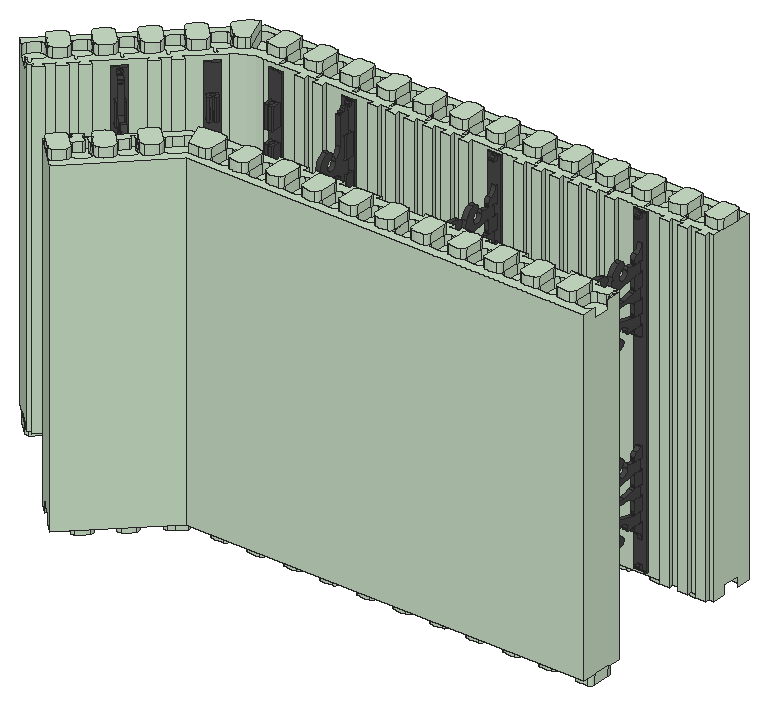
Revit family (continued)
Definition of nested family "6-inch Web"
  Forms (in)
    Extrusion 1, solid, material "Polypropylene"
      sketch origin (0, 0, -0.5) x (0, 1, 0) y (0, 0, 1)
        loop
          arc (1.60829, 12.22252) -> (1.89426, 12.34507) -> (1.77171, 12.63104) r 0.22
          arc (1.77171, 12.63104) -> (1.74446, 13.18492) -> (2.18179, 12.84395) r 0.305
          arc (2.18179, 12.84395) -> (2.20889, 12.75657) -> (2.29847, 12.73805) r 0.09
          arc (2.29847, 12.73805) -> (2.49379, 12.78721) -> (2.695, 12.79623) r 1
          line (2.695, 12.79623) -> (2.80974, 12.79623) -> (2.80974, 12.7262) -> (2.7525, 12.7262)
          arc (2.7525, 12.7262) -> (2.7083, 12.7079) -> (2.69, 12.6637) r 0.0625
          line (2.69, 12.6637) -> (2.69, 12.5962)
          arc (2.69, 12.5962) -> (2.73587, 12.45187) -> (2.85666, 12.3605) r 0.25
          arc (2.85666, 12.3605) -> (2.98601, 12.29206) -> (3.09, 12.1891) r 0.5
          line (3.09, 12.1891) -> (3.19, 12.1891) -> (3.19, 12.7887)
          arc (3.19, 12.7887) -> (3.17169, 12.74451) -> (3.1275, 12.7262) r 0.0625
          line (3.1275, 12.7262) -> (2.8844, 12.7262) -> (2.8844, 12.79623) -> (2.995, 12.79623) -> (2.995, 13.2962) -> (2.8844, 13.2962) -> (2.8844, 13.3662) -> (3.1275, 13.3662)
          arc (3.1275, 13.3662) -> (3.17169, 13.3479) -> (3.19, 13.3037) r 0.0625
          line (3.19, 13.3037) -> (3.19, 14.0887)
          arc (3.19, 14.0887) -> (3.17169, 14.04451) -> (3.1275, 14.0262) r 0.0625
          line (3.1275, 14.0262) -> (2.8844, 14.0262) -> (2.8844, 14.0962) -> (2.995, 14.0962) -> (2.995, 14.5962) -> (2.8844, 14.5962) -> (2.8844, 14.6662) -> (3.1275, 14.6662)
          arc (3.1275, 14.6662) -> (3.17169, 14.6479) -> (3.19, 14.6037) r 0.0625
          line (3.19, 14.6037) -> (3.19, 15.3887)
          arc (3.19, 15.3887) -> (3.17169, 15.34451) -> (3.1275, 15.3262) r 0.0625
          line (3.1275, 15.3262) -> (2.8844, 15.3262) -> (2.8844, 15.3962) -> (2.995, 15.3962)
        loop
          line (0.38913, 14.4362) -> (1.98527, 14.4362)
          arc (1.98527, 14.4362) -> (2.29477, 14.47239) -> (2.59139, 14.56787) r 1.6
          arc (2.59139, 14.56787) -> (2.64143, 14.5885) -> (2.695, 14.5962) r 0.21872
          line (2.695, 14.5962) -> (2.80974, 14.5962) -> (2.80974, 14.6662) -> (2.7525, 14.6662)
          arc (2.7525, 14.6662) -> (2.7083, 14.68451) -> (2.69, 14.7287) r 0.0625
          line (2.69, 14.7287) -> (2.69, 15.2637)
          arc (2.69, 15.2637) -> (2.7083, 15.3079) -> (2.7525, 15.3262) r 0.0625
          line (2.7525, 15.3262) -> (2.80974, 15.3262) -> (2.80974, 15.3962) -> (2.695, 15.3962)
          arc (2.695, 15.3962) -> (2.62256, 15.38693) -> (2.551, 15.3724) r 1
          line (2.551, 15.3724) -> (0.33976, 14.89084)
          arc (0.33976, 14.89084) -> (0.16047, 14.64137) -> (0.38913, 14.4362) r 0.23
        loop
          arc (2.695, 14.0962) -> (2.64143, 14.10391) -> (2.59139, 14.12453) r 0.21872
          arc (2.59139, 14.12453) -> (2.29477, 14.22002) -> (1.98527, 14.2562) r 1.6
          line (1.98527, 14.2562) -> (0.38913, 14.2562)
          arc (0.38913, 14.2562) -> (0.16047, 14.05103) -> (0.33976, 13.80156) r 0.23
          line (0.33976, 13.80156) -> (2.551, 13.32001)
          arc (2.551, 13.32001) -> (2.62256, 13.30547) -> (2.695, 13.2962) r 1
          line (2.695, 13.2962) -> (2.80974, 13.2962) -> (2.80974, 13.3662) -> (2.7525, 13.3662)
          arc (2.7525, 13.3662) -> (2.7083, 13.38451) -> (2.69, 13.4287) r 0.0625
          line (2.69, 13.4287) -> (2.69, 13.9637)
          arc (2.69, 13.9637) -> (2.7083, 14.0079) -> (2.7525, 14.0262) r 0.0625
          line (2.7525, 14.0262) -> (2.80974, 14.0262) -> (2.80974, 14.0962) -> (2.695, 14.0962)
        loop
          arc (-2.59482, 15.38194) -> (-2.64473, 15.39034) -> (-2.695, 15.3962) r 1
          line (-2.695, 15.3962) -> (-2.80974, 15.3962) -> (-2.80974, 15.3262) -> (-2.7525, 15.3262)
          arc (-2.7525, 15.3262) -> (-2.7083, 15.3079) -> (-2.69, 15.2637) r 0.0625
          line (-2.69, 15.2637) -> (-2.69, 14.7287)
          arc (-2.69, 14.7287) -> (-2.7083, 14.68451) -> (-2.7525, 14.6662) r 0.0625
          line (-2.7525, 14.6662) -> (-2.80974, 14.6662) -> (-2.80974, 14.5962) -> (-2.695, 14.5962)
          arc (-2.695, 14.5962) -> (-2.64143, 14.5885) -> (-2.59139, 14.56787) r 0.21872
          arc (-2.59139, 14.56787) -> (-2.29477, 14.47239) -> (-1.98527, 14.4362) r 1.6
          line (-1.98527, 14.4362) -> (-0.38913, 14.4362)
          arc (-0.38913, 14.4362) -> (-0.16047, 14.64137) -> (-0.33976, 14.89084) r 0.23
          line (-0.33976, 14.89084) -> (-2.59482, 15.38194)
        loop
          line (-2.695, 14.0962) -> (-2.80974, 14.0962) -> (-2.80974, 14.0262) -> (-2.7525, 14.0262)
          arc (-2.7525, 14.0262) -> (-2.7083, 14.0079) -> (-2.69, 13.9637) r 0.0625
          line (-2.69, 13.9637) -> (-2.69, 13.4287)
          arc (-2.69, 13.4287) -> (-2.7083, 13.38451) -> (-2.7525, 13.3662) r 0.0625
          line (-2.7525, 13.3662) -> (-2.80974, 13.3662) -> (-2.80974, 13.2962) -> (-2.695, 13.2962)
          arc (-2.695, 13.2962) -> (-2.62256, 13.30547) -> (-2.551, 13.32001) r 1
          line (-2.551, 13.32001) -> (-0.33976, 13.80156)
          arc (-0.33976, 13.80156) -> (-0.16047, 14.05103) -> (-0.38913, 14.2562) r 0.23
          line (-0.38913, 14.2562) -> (-1.98527, 14.2562)
          arc (-1.98527, 14.2562) -> (-2.29477, 14.22002) -> (-2.59139, 14.12453) r 1.6
          arc (-2.59139, 14.12453) -> (-2.64143, 14.10391) -> (-2.695, 14.0962) r 0.21872
        loop
          line (3.19, 18.01497) -> (3.19, 18.26376)
          arc (3.19, 18.26376) -> (3.18585, 18.24855) -> (3.17457, 18.23754) r 0.03
          line (3.17457, 18.23754) -> (3.00543, 18.14357)
          arc (3.00543, 18.14357) -> (2.99414, 18.13256) -> (2.99, 18.11735) r 0.03
          line (2.99, 18.11735) -> (2.99, 18.04614)
          arc (2.99, 18.04614) -> (2.99625, 18.03161) -> (3.01111, 18.02617) r 0.02
          line (3.01111, 18.02617) -> (3.16889, 18.03494)
          arc (3.16889, 18.03494) -> (3.18374, 18.0295) -> (3.19, 18.01497) r 0.02
        loop
          arc (-3.19, 18.01497) -> (-3.18374, 18.0295) -> (-3.16889, 18.03494) r 0.02
          line (-3.16889, 18.03494) -> (-3.01111, 18.02617)
          arc (-3.01111, 18.02617) -> (-2.99625, 18.03161) -> (-2.99, 18.04614) r 0.02
          line (-2.99, 18.04614) -> (-2.99, 18.11735)
          arc (-2.99, 18.11735) -> (-2.99414, 18.13256) -> (-3.00543, 18.14357) r 0.03
          line (-3.00543, 18.14357) -> (-3.17457, 18.23754)
          arc (-3.17457, 18.23754) -> (-3.18585, 18.24855) -> (-3.19, 18.26376) r 0.03
          line (-3.19, 18.26376) -> (-3.19, 18.01497)
      from -0.125 to 0.125
    Extrusion 2, solid, material "Polypropylene"
      sketch origin (0, 0, 0) x (0, 1, 0) y (0, 0, 1)
        loop
          line (3.19, 17.8125) -> (3.19, 0.1875)
          arc (3.19, 0.1875) -> (3.2092, 0.14243) -> (3.255, 0.12505) r 0.0625
          arc (3.255, 0.12505) -> (3.3008, 0.14243) -> (3.32, 0.1875) r 0.0625
          line (3.32, 0.1875) -> (3.32, 17.8125)
          arc (3.32, 17.8125) -> (3.3008, 17.85757) -> (3.255, 17.87495) r 0.0625
          arc (3.255, 17.87495) -> (3.2092, 17.85757) -> (3.19, 17.8125) r 0.0625
        loop
          arc (-3.19, 17.8125) -> (-3.2092, 17.85757) -> (-3.255, 17.87495) r 0.0625
          arc (-3.255, 17.87495) -> (-3.3008, 17.85757) -> (-3.32, 17.8125) r 0.0625
          line (-3.32, 17.8125) -> (-3.32, 0.1875)
          arc (-3.32, 0.1875) -> (-3.3008, 0.14243) -> (-3.255, 0.12505) r 0.0625
          arc (-3.255, 0.12505) -> (-3.2092, 0.14243) -> (-3.19, 0.1875) r 0.0625
          line (-3.19, 0.1875) -> (-3.19, 17.8125)
      from -0.36328 to 0.36328
Definition of nested family "Capture Lugs"
  Reference planes (in)
    plane 1 "Center (Front/Back)": y = 0
    plane 2: z = 0
    plane 3 "Center (Left/Right)": x = 0
  Forms (in)
    Extrusion 1, solid, material "High Density Polystyrene"
      sketch origin (0, 0, 0) x (0, 1, 0) y (0, 0, 1)
        loop
          arc (-3.25, 0) -> (-3.22112, 0.01975) -> (-3.21, 0.05292) r 0.055
          line (-3.21, 0.05292) -> (-3.21, 17.69292)
          arc (-3.21, 17.69292) -> (-3.22112, 17.72608) -> (-3.25, 17.74583) r 0.055
          line (-3.25, 17.74583) -> (-3.25, 0)
      from 0.36328 to -0.36328
    Extrusion 2, solid, material "High Density Polystyrene"
      sketch origin (0, 0, 0) x (0, 1, 0) y (0, 0, 1)
        loop
          line (-3.21, 16.17792) -> (-3.21, 14.97792) -> (-2.71, 14.97792) -> (-2.71, 16.17792) -> (-3.21, 16.17792)
        loop
          line (-3.21, 14.22792) -> (-3.21, 13.02792) -> (-2.71, 13.02792) -> (-2.71, 14.22792) -> (-3.21, 14.22792)
        loop
          line (-3.21, 12.27792) -> (-3.21, 11.07792) -> (-2.71, 11.07792) -> (-2.71, 12.27792) -> (-3.21, 12.27792)
        loop
          line (-3.21, 10.32792) -> (-3.21, 9.24792) -> (-2.71, 9.24792) -> (-2.71, 10.32792) -> (-3.21, 10.32792)
        loop
          line (-3.21, 8.49792) -> (-3.21, 7.41792) -> (-2.71, 7.41792) -> (-2.71, 8.49792) -> (-3.21, 8.49792)
        loop
          line (-3.21, 6.66792) -> (-3.21, 5.46792) -> (-2.71, 5.46792) -> (-2.71, 6.66792) -> (-3.21, 6.66792)
        loop
          line (-3.21, 4.71792) -> (-3.21, 3.51792) -> (-2.71, 3.51792) -> (-2.71, 4.71792) -> (-3.21, 4.71792)
        loop
          line (-3.21, 2.76792) -> (-3.21, 1.56792) -> (-2.71, 1.56792) -> (-2.71, 2.76792) -> (-3.21, 2.76792)
      from 0.25 to -0.25
    Extrusion 3, void
      sketch origin (0, 0, 0) x (1, 0, 0) y (0, 1, 0)
        loop
          arc (-0.25, -2.79249) -> (-0.22584, -2.73416) -> (-0.1675, -2.71) r 0.0825
          line (-0.1675, -2.71) -> (-0.25, -2.71) -> (-0.25, -2.79249)
      from 0 to 18
    Extrusion 4, void
      sketch origin (0, 0, 0) x (-1, 0, 0) y (0, -1, 0)
        loop
          line (-0.25, 2.79249) -> (-0.25, 2.71) -> (-0.1675, 2.71)
          arc (-0.1675, 2.71) -> (-0.22584, 2.73416) -> (-0.25, 2.79249) r 0.0825
      from 0 to 18
    Extrusion 5, void
      sketch origin (0, 0, 0) x (1, 0, 0) y (0, 1, 0)
        loop
          arc (-0.04687, -2.835) -> (0, -3.07587) -> (0.04688, -2.835) r 0.125
          line (0.04688, -2.835) -> (0.04688, -2.71) -> (-0.04687, -2.71) -> (-0.04687, -2.835)
      from 0 to 18
  Cuts and joins
    Extrusion 3, Extrusion 4 cuts Extrusion 1
    Extrusion 3, Extrusion 4, Extrusion 5 cuts Extrusion 2
Definition of nested family "6 inch Insert Web"
  Reference planes (in)
    plane 1 "Center (Front/Back)": y = 0
    plane 2: z = 0
    plane 3 "Center (Left/Right)": x = 0
  Forms (in)
    Extrusion 1, solid, material "High Density Polystyrene"
      sketch origin (0, 0, 0) x (0, 1, 0) y (0, 0, 1)
        loop
          line (3.25, 0) -> (3.25, 17.74583)
          arc (3.25, 17.74583) -> (3.22112, 17.72608) -> (3.21, 17.69292) r 0.055
          line (3.21, 17.69292) -> (3.21, 0.05292)
          arc (3.21, 0.05292) -> (3.22112, 0.01975) -> (3.25, 0) r 0.055
        loop
          arc (-3.25, 0) -> (-3.22112, 0.01975) -> (-3.21, 0.05292) r 0.055
          line (-3.21, 0.05292) -> (-3.21, 17.69292)
          arc (-3.21, 17.69292) -> (-3.22112, 17.72608) -> (-3.25, 17.74583) r 0.055
          line (-3.25, 17.74583) -> (-3.25, 0)
      from 0.36328 to -0.36328
    Extrusion 2, solid, material "Polypropylene"
      sketch origin (0, 0, 0) x (0, 1, 0) y (0, 0, 1)
        loop
          arc (3.18889, 17.40785) -> (3.20374, 17.40241) -> (3.21, 17.38789) r 0.02
          line (3.21, 17.38789) -> (3.21, 17.63668)
          arc (3.21, 17.63668) -> (3.20585, 17.62147) -> (3.19457, 17.61045) r 0.03
          line (3.19457, 17.61045) -> (3.12543, 17.57204)
          arc (3.12543, 17.57204) -> (3.11414, 17.56103) -> (3.11, 17.54582) r 0.03
          line (3.11, 17.54582) -> (3.11, 17.42461)
          arc (3.11, 17.42461) -> (3.11625, 17.41008) -> (3.13111, 17.40464) r 0.02
          line (3.13111, 17.40464) -> (3.18889, 17.40785)
        loop
          line (-3.12543, 17.57204) -> (-3.19457, 17.61045)
          arc (-3.19457, 17.61045) -> (-3.20585, 17.62147) -> (-3.21, 17.63668) r 0.03
          line (-3.21, 17.63668) -> (-3.21, 17.38789)
          arc (-3.21, 17.38789) -> (-3.20374, 17.40241) -> (-3.18889, 17.40785) r 0.02
          line (-3.18889, 17.40785) -> (-3.13111, 17.40464)
          arc (-3.13111, 17.40464) -> (-3.11625, 17.41008) -> (-3.11, 17.42461) r 0.02
          line (-3.11, 17.42461) -> (-3.11, 17.54582)
          arc (-3.11, 17.54582) -> (-3.11414, 17.56103) -> (-3.12543, 17.57204) r 0.03
        loop
          line (3.18889, 0.33798) -> (3.13111, 0.34119)
          arc (3.13111, 0.34119) -> (3.11625, 0.33575) -> (3.11, 0.32122) r 0.02
          line (3.11, 0.32122) -> (3.11, 0.20001)
          arc (3.11, 0.20001) -> (3.11414, 0.1848) -> (3.12543, 0.17379) r 0.03
          line (3.12543, 0.17379) -> (3.19457, 0.13538)
          arc (3.19457, 0.13538) -> (3.20585, 0.12437) -> (3.21, 0.10915) r 0.03
          line (3.21, 0.10915) -> (3.21, 0.35795)
          arc (3.21, 0.35795) -> (3.20374, 0.34342) -> (3.18889, 0.33798) r 0.02
        loop
          arc (-3.12543, 0.17379) -> (-3.11414, 0.1848) -> (-3.11, 0.20001) r 0.03
          line (-3.11, 0.20001) -> (-3.11, 0.32122)
          arc (-3.11, 0.32122) -> (-3.11625, 0.33575) -> (-3.13111, 0.34119) r 0.02
          line (-3.13111, 0.34119) -> (-3.18889, 0.33798)
          arc (-3.18889, 0.33798) -> (-3.20374, 0.34342) -> (-3.21, 0.35795) r 0.02
          line (-3.21, 0.35795) -> (-3.21, 0.10915)
          arc (-3.21, 0.10915) -> (-3.20585, 0.12437) -> (-3.19457, 0.13538) r 0.03
          line (-3.19457, 0.13538) -> (-3.12543, 0.17379)
        loop
          line (3, 17.20772) -> (2.925, 17.43772)
          arc (2.925, 17.43772) -> (2.875, 17.46772) -> (2.825, 17.43772) r 0.05667
          line (2.825, 17.43772) -> (2.77609, 17.28772) -> (2.64893, 17.28772)
          arc (2.64893, 17.28772) -> (2.61433, 17.27339) -> (2.6, 17.2388) r 0.04893
          line (2.6, 17.2388) -> (2.6, 17.20772) -> (2.5, 17.20772) -> (2.5, 15.69241)
          arc (2.5, 15.69241) -> (2.43087, 15.42546) -> (2.24086, 15.22561) r 0.55
          arc (2.24086, 15.22561) -> (2.19232, 15.16934) -> (2.1843, 15.09547) r 0.125
          arc (2.1843, 15.09547) -> (1.73923, 14.76887) -> (1.77171, 15.31996) r 0.305
          arc (1.77171, 15.31996) -> (1.89426, 15.60593) -> (1.60829, 15.72848) r 0.22
          arc (1.60829, 15.72848) -> (1.25428, 15.43329) -> (1.14171, 14.98632) r 0.745
          arc (1.14171, 14.98632) -> (1.09808, 14.57137) -> (0.96932, 14.1745) r 2
          arc (0.96932, 14.1745) -> (0.47025, 14.17077) -> (0.63581, 14.64159) r 0.305
          arc (0.63581, 14.64159) -> (0.81067, 14.86591) -> (0.64859, 15.09964) r 0.24
          arc (0.64859, 15.09964) -> (0.32877, 15.18052) -> (0, 15.20772) r 2
          arc (0, 15.20772) -> (-0.32877, 15.18052) -> (-0.64859, 15.09964) r 2
          arc (-0.64859, 15.09964) -> (-0.81067, 14.86591) -> (-0.63581, 14.64159) r 0.24
          arc (-0.63581, 14.64159) -> (-0.47025, 14.17077) -> (-0.96932, 14.1745) r 0.305
          arc (-0.96932, 14.1745) -> (-1.09808, 14.57137) -> (-1.14171, 14.98632) r 2
          arc (-1.14171, 14.98632) -> (-1.25428, 15.43329) -> (-1.60829, 15.72848) r 0.745
          arc (-1.60829, 15.72848) -> (-1.89426, 15.60593) -> (-1.77171, 15.31996) r 0.22
          arc (-1.77171, 15.31996) -> (-1.73923, 14.76887) -> (-2.1843, 15.09547) r 0.305
          arc (-2.1843, 15.09547) -> (-2.19232, 15.16934) -> (-2.24086, 15.22561) r 0.125
          arc (-2.24086, 15.22561) -> (-2.43087, 15.42546) -> (-2.5, 15.69241) r 0.55
          line (-2.5, 15.69241) -> (-2.5, 17.20772) -> (-2.6, 17.20772) -> (-2.6, 17.2388)
          arc (-2.6, 17.2388) -> (-2.61433, 17.27339) -> (-2.64893, 17.28772) r 0.04893
          line (-2.64893, 17.28772) -> (-2.77609, 17.28772) -> (-2.825, 17.43772)
          arc (-2.825, 17.43772) -> (-2.875, 17.46772) -> (-2.925, 17.43772) r 0.05667
          line (-2.925, 17.43772) -> (-3, 17.20772) -> (-3, 0.66519) -> (-2.925, 0.43519)
          arc (-2.925, 0.43519) -> (-2.875, 0.40519) -> (-2.825, 0.43519) r 0.05667
          line (-2.825, 0.43519) -> (-2.77609, 0.58519) -> (-2.64893, 0.58519)
          arc (-2.64893, 0.58519) -> (-2.61433, 0.59952) -> (-2.6, 0.63412) r 0.04893
          line (-2.6, 0.63412) -> (-2.6, 0.66519) -> (-2.5, 0.66519) -> (-2.5, 2.18051)
          arc (-2.5, 2.18051) -> (-2.43087, 2.44746) -> (-2.24086, 2.6473) r 0.55
          arc (-2.24086, 2.6473) -> (-2.19232, 2.70357) -> (-2.1843, 2.77745) r 0.125
          arc (-2.1843, 2.77745) -> (-1.73923, 3.10405) -> (-1.77171, 2.55296) r 0.305
          arc (-1.77171, 2.55296) -> (-1.89426, 2.26698) -> (-1.60829, 2.14443) r 0.22
          arc (-1.60829, 2.14443) -> (-1.25428, 2.43963) -> (-1.14171, 2.8866) r 0.745
          arc (-1.14171, 2.8866) -> (-1.09808, 3.30155) -> (-0.96932, 3.69841) r 2
          arc (-0.96932, 3.69841) -> (-0.47025, 3.70214) -> (-0.63581, 3.23133) r 0.305
          arc (-0.63581, 3.23133) -> (-0.81067, 3.00701) -> (-0.64859, 2.77328) r 0.24
          arc (-0.64859, 2.77328) -> (-0.32877, 2.6924) -> (0, 2.66519) r 2
          arc (0, 2.66519) -> (0.32877, 2.6924) -> (0.64859, 2.77328) r 2
          arc (0.64859, 2.77328) -> (0.81067, 3.00701) -> (0.63581, 3.23133) r 0.24
          arc (0.63581, 3.23133) -> (0.47025, 3.70214) -> (0.96932, 3.69841) r 0.305
          arc (0.96932, 3.69841) -> (1.09808, 3.30155) -> (1.14171, 2.8866) r 2
          arc (1.14171, 2.8866) -> (1.25428, 2.43963) -> (1.60829, 2.14443) r 0.745
          arc (1.60829, 2.14443) -> (1.89426, 2.26698) -> (1.77171, 2.55296) r 0.22
          arc (1.77171, 2.55296) -> (1.73923, 3.10405) -> (2.1843, 2.77745) r 0.305
          arc (2.1843, 2.77745) -> (2.19232, 2.70357) -> (2.24086, 2.6473) r 0.125
          arc (2.24086, 2.6473) -> (2.43087, 2.44746) -> (2.5, 2.18051) r 0.55
          line (2.5, 2.18051) -> (2.5, 0.66519) -> (2.6, 0.66519) -> (2.6, 0.63412)
          arc (2.6, 0.63412) -> (2.61433, 0.59952) -> (2.64893, 0.58519) r 0.04893
          line (2.64893, 0.58519) -> (2.77609, 0.58519) -> (2.825, 0.43519)
          arc (2.825, 0.43519) -> (2.875, 0.40519) -> (2.925, 0.43519) r 0.05667
          line (2.925, 0.43519) -> (3, 0.66519) -> (3, 17.20772)
        loop
          line (0.3725, 12.82772) -> (2, 12.82772)
          arc (2, 12.82772) -> (2.35355, 12.97417) -> (2.5, 13.32772) r 0.5
          line (2.5, 13.32772) -> (2.5, 14.17596)
          arc (2.5, 14.17596) -> (2.38418, 14.38691) -> (2.14403, 14.40239) r 0.25
          line (2.14403, 14.40239) -> (0.95372, 13.84533)
          arc (0.95372, 13.84533) -> (0.66944, 13.7351) -> (0.37286, 13.66431) r 2.25
          arc (0.37286, 13.66431) -> (0.14871, 13.53669) -> (0.06, 13.29449) r 0.375
          line (0.06, 13.29449) -> (0.06, 13.14022)
          arc (0.06, 13.14022) -> (0.15153, 12.91925) -> (0.3725, 12.82772) r 0.3125
        loop
          arc (-0.06, 13.29449) -> (-0.14871, 13.53669) -> (-0.37286, 13.66431) r 0.375
          arc (-0.37286, 13.66431) -> (-0.66944, 13.7351) -> (-0.95372, 13.84533) r 2.25
          line (-0.95372, 13.84533) -> (-2.14403, 14.40239)
          arc (-2.14403, 14.40239) -> (-2.38418, 14.38691) -> (-2.5, 14.17596) r 0.25
          line (-2.5, 14.17596) -> (-2.5, 13.32772)
          arc (-2.5, 13.32772) -> (-2.35355, 12.97417) -> (-2, 12.82772) r 0.5
          line (-2, 12.82772) -> (-0.3725, 12.82772)
          arc (-0.3725, 12.82772) -> (-0.15153, 12.91925) -> (-0.06, 13.14022) r 0.3125
          line (-0.06, 13.14022) -> (-0.06, 13.29449)
        loop
          line (-2.5, 12.14772) -> (-2.5, 11.29949)
          arc (-2.5, 11.29949) -> (-2.38418, 11.08854) -> (-2.14403, 11.07306) r 0.25
          line (-2.14403, 11.07306) -> (-0.95372, 11.63012)
          arc (-0.95372, 11.63012) -> (-0.66944, 11.74035) -> (-0.37286, 11.81114) r 2.25
          arc (-0.37286, 11.81114) -> (-0.14871, 11.93876) -> (-0.06, 12.18096) r 0.375
          line (-0.06, 12.18096) -> (-0.06, 12.33522)
          arc (-0.06, 12.33522) -> (-0.15153, 12.5562) -> (-0.3725, 12.64772) r 0.3125
          line (-0.3725, 12.64772) -> (-2, 12.64772)
          arc (-2, 12.64772) -> (-2.35355, 12.50128) -> (-2.5, 12.14772) r 0.5
        loop
          line (0.06, 12.33522) -> (0.06, 12.18096)
          arc (0.06, 12.18096) -> (0.14871, 11.93876) -> (0.37286, 11.81114) r 0.375
          arc (0.37286, 11.81114) -> (0.66944, 11.74035) -> (0.95372, 11.63012) r 2.25
          line (0.95372, 11.63012) -> (2.14403, 11.07306)
          arc (2.14403, 11.07306) -> (2.38418, 11.08854) -> (2.5, 11.29949) r 0.25
          line (2.5, 11.29949) -> (2.5, 12.14772)
          arc (2.5, 12.14772) -> (2.35355, 12.50128) -> (2, 12.64772) r 0.5
          line (2, 12.64772) -> (0.3725, 12.64772)
          arc (0.3725, 12.64772) -> (0.15153, 12.5562) -> (0.06, 12.33522) r 0.3125
        loop
          line (-2.5, 9.24881) -> (-2.38, 9.04881) -> (-2.38, 8.93646) -> (-2.38, 8.82411) -> (-2.5, 8.62411) -> (-2.5, 7.48324)
          arc (-2.5, 7.48324) -> (-2.42188, 7.21488) -> (-2.21194, 7.03038) r 0.5
          line (-2.21194, 7.03038) -> (-0.95372, 6.44153)
          arc (-0.95372, 6.44153) -> (-0.48851, 6.28308) -> (0, 6.2294) r 2.25
          arc (0, 6.2294) -> (0.48851, 6.28308) -> (0.95372, 6.44153) r 2.25
          line (0.95372, 6.44153) -> (2.21194, 7.03038)
          arc (2.21194, 7.03038) -> (2.42188, 7.21488) -> (2.5, 7.48324) r 0.5
          line (2.5, 7.48324) -> (2.5, 8.62411) -> (2.38, 8.82411) -> (2.38, 8.93646) -> (2.38, 9.04881) -> (2.5, 9.24881) -> (2.5, 10.38968)
          arc (2.5, 10.38968) -> (2.42188, 10.65803) -> (2.21194, 10.84254) r 0.5
          line (2.21194, 10.84254) -> (0.95372, 11.43138)
          arc (0.95372, 11.43138) -> (0.48851, 11.58984) -> (0, 11.64351) r 2.25
          arc (0, 11.64351) -> (-0.48851, 11.58984) -> (-0.95372, 11.43138) r 2.25
          line (-0.95372, 11.43138) -> (-2.21194, 10.84254)
          arc (-2.21194, 10.84254) -> (-2.42188, 10.65803) -> (-2.5, 10.38968) r 0.5
          line (-2.5, 10.38968) -> (-2.5, 9.24881)
        loop
          line (-2.5, 6.57343) -> (-2.5, 5.72519)
          arc (-2.5, 5.72519) -> (-2.35355, 5.37164) -> (-2, 5.22519) r 0.5
          line (-2, 5.22519) -> (-0.3725, 5.22519)
          arc (-0.3725, 5.22519) -> (-0.15153, 5.31672) -> (-0.06, 5.53769) r 0.3125
          line (-0.06, 5.53769) -> (-0.06, 5.69196)
          arc (-0.06, 5.69196) -> (-0.14871, 5.93416) -> (-0.37286, 6.06178) r 0.375
          arc (-0.37286, 6.06178) -> (-0.66944, 6.13256) -> (-0.95372, 6.2428) r 2.25
          line (-0.95372, 6.2428) -> (-2.14403, 6.79986)
          arc (-2.14403, 6.79986) -> (-2.38418, 6.78437) -> (-2.5, 6.57343) r 0.25
        loop
          line (0.3725, 5.22519) -> (2, 5.22519)
          arc (2, 5.22519) -> (2.35355, 5.37164) -> (2.5, 5.72519) r 0.5
          line (2.5, 5.72519) -> (2.5, 6.57343)
          arc (2.5, 6.57343) -> (2.38418, 6.78437) -> (2.14403, 6.79986) r 0.25
          line (2.14403, 6.79986) -> (0.95372, 6.2428)
          arc (0.95372, 6.2428) -> (0.66944, 6.13256) -> (0.37286, 6.06178) r 2.25
          arc (0.37286, 6.06178) -> (0.14871, 5.93416) -> (0.06, 5.69196) r 0.375
          line (0.06, 5.69196) -> (0.06, 5.53769)
          arc (0.06, 5.53769) -> (0.15153, 5.31672) -> (0.3725, 5.22519) r 0.3125
        loop
          line (0.06, 4.73269) -> (0.06, 4.57842)
          arc (0.06, 4.57842) -> (0.14871, 4.33622) -> (0.37286, 4.20861) r 0.375
          arc (0.37286, 4.20861) -> (0.66944, 4.13782) -> (0.95372, 4.02759) r 2.25
          line (0.95372, 4.02759) -> (2.14403, 3.47052)
          arc (2.14403, 3.47052) -> (2.38418, 3.48601) -> (2.5, 3.69695) r 0.25
          line (2.5, 3.69695) -> (2.5, 4.54519)
          arc (2.5, 4.54519) -> (2.35355, 4.89874) -> (2, 5.04519) r 0.5
          line (2, 5.04519) -> (0.3725, 5.04519)
          arc (0.3725, 5.04519) -> (0.15153, 4.95366) -> (0.06, 4.73269) r 0.3125
        loop
          line (-0.06, 4.57842) -> (-0.06, 4.73269)
          arc (-0.06, 4.73269) -> (-0.15153, 4.95366) -> (-0.3725, 5.04519) r 0.3125
          line (-0.3725, 5.04519) -> (-2, 5.04519)
          arc (-2, 5.04519) -> (-2.35355, 4.89874) -> (-2.5, 4.54519) r 0.5
          line (-2.5, 4.54519) -> (-2.5, 3.69695)
          arc (-2.5, 3.69695) -> (-2.38418, 3.48601) -> (-2.14403, 3.47052) r 0.25
          line (-2.14403, 3.47052) -> (-0.95372, 4.02759)
          arc (-0.95372, 4.02759) -> (-0.66944, 4.13782) -> (-0.37286, 4.20861) r 2.25
          arc (-0.37286, 4.20861) -> (-0.14871, 4.33622) -> (-0.06, 4.57842) r 0.375
      from 0.125 to -0.125
    Extrusion 3, solid, material "High Density Polystyrene"
      sketch origin (0, 0, 0) x (0, 1, 0) y (0, 0, 1)
        loop
          line (3.21, 16.17792) -> (2.71, 16.17792) -> (2.71, 14.97792) -> (3.21, 14.97792) -> (3.21, 16.17792)
        loop
          line (3.21, 14.22792) -> (2.71, 14.22792) -> (2.71, 13.02792) -> (3.21, 13.02792) -> (3.21, 14.22792)
        loop
          line (3.21, 12.27792) -> (2.71, 12.27792) -> (2.71, 11.07792) -> (3.21, 11.07792) -> (3.21, 12.27792)
        loop
          line (3.21, 10.32792) -> (2.71, 10.32792) -> (2.71, 9.24792) -> (3.21, 9.24792) -> (3.21, 10.32792)
        loop
          line (3.21, 8.49792) -> (2.71, 8.49792) -> (2.71, 7.41792) -> (3.21, 7.41792) -> (3.21, 8.49792)
        loop
          line (3.21, 6.66792) -> (2.71, 6.66792) -> (2.71, 5.46792) -> (3.21, 5.46792) -> (3.21, 6.66792)
        loop
          line (3.21, 4.71792) -> (2.71, 4.71792) -> (2.71, 3.51792) -> (3.21, 3.51792) -> (3.21, 4.71792)
        loop
          line (3.21, 2.76792) -> (2.71, 2.76792) -> (2.71, 1.56792) -> (3.21, 1.56792) -> (3.21, 2.76792)
        loop
          line (-3.21, 16.17792) -> (-3.21, 14.97792) -> (-2.71, 14.97792) -> (-2.71, 16.17792) -> (-3.21, 16.17792)
        loop
          line (-3.21, 14.22792) -> (-3.21, 13.02792) -> (-2.71, 13.02792) -> (-2.71, 14.22792) -> (-3.21, 14.22792)
        loop
          line (-3.21, 12.27792) -> (-3.21, 11.07792) -> (-2.71, 11.07792) -> (-2.71, 12.27792) -> (-3.21, 12.27792)
        loop
          line (-3.21, 10.32792) -> (-3.21, 9.24792) -> (-2.71, 9.24792) -> (-2.71, 10.32792) -> (-3.21, 10.32792)
        loop
          line (-3.21, 8.49792) -> (-3.21, 7.41792) -> (-2.71, 7.41792) -> (-2.71, 8.49792) -> (-3.21, 8.49792)
        loop
          line (-3.21, 6.66792) -> (-3.21, 5.46792) -> (-2.71, 5.46792) -> (-2.71, 6.66792) -> (-3.21, 6.66792)
        loop
          line (-3.21, 4.71792) -> (-3.21, 3.51792) -> (-2.71, 3.51792) -> (-2.71, 4.71792) -> (-3.21, 4.71792)
        loop
          line (-3.21, 2.76792) -> (-3.21, 1.56792) -> (-2.71, 1.56792) -> (-2.71, 2.76792) -> (-3.21, 2.76792)
      from 0.25 to -0.25
    Extrusion 4, void
      sketch origin (0, 0, 0) x (1, 0, 0) y (0, 1, 0)
        loop
          line (-0.25, 2.79249) -> (-0.25, 2.71) -> (-0.1675, 2.71)
          arc (-0.1675, 2.71) -> (-0.22584, 2.73416) -> (-0.25, 2.79249) r 0.0825
      from 0 to 18
    Extrusion 5, void
      sketch origin (0, 0, 0) x (-1, 0, 0) y (0, -1, 0)
        loop
          arc (-0.25, -2.79249) -> (-0.22584, -2.73416) -> (-0.1675, -2.71) r 0.0825
          line (-0.1675, -2.71) -> (-0.25, -2.71) -> (-0.25, -2.79249)
      from 0 to 18
    Extrusion 6, void
      sketch origin (0, 0, 0) x (1, 0, 0) y (0, 1, 0)
        loop
          arc (-0.25, -2.79249) -> (-0.22584, -2.73416) -> (-0.1675, -2.71) r 0.0825
          line (-0.1675, -2.71) -> (-0.25, -2.71) -> (-0.25, -2.79249)
      from 0 to 18
    Extrusion 7, void
      sketch origin (0, 0, 0) x (-1, 0, 0) y (0, -1, 0)
        loop
          line (-0.25, 2.79249) -> (-0.25, 2.71) -> (-0.1675, 2.71)
          arc (-0.1675, 2.71) -> (-0.22584, 2.73416) -> (-0.25, 2.79249) r 0.0825
      from 0 to 18
  Cuts and joins
    Extrusion 4, Extrusion 5, Extrusion 6, Extrusion 7 cuts Extrusion 1
    Extrusion 4, Extrusion 5, Extrusion 6, Extrusion 7 cuts Extrusion 3
Definition of nested family "NUDURA Diamond Pattern"
  Reference planes (in)
    plane 1 "Center (Front/Back)": y = 0
    plane 2: z = 0
    plane 3 "Center (Left/Right)": x = 0
    plane 4: z = 18
  Lines and regions (in)
    model lines
      curve 1: line (8, -5.625, 18) -> (8, -5.625, 0)
      curve 2: line (6, -5.625, 18) -> (6, -5.625, 0)
      curve 3: line (2, -5.625, 18) -> (2, -5.625, 0)
      curve 4: line (3.35367, -5.625, 16.98484) -> (3.69709, -5.625, 16.64142)
      curve 5: arc (3.35367, -5.625, 17.51517) -> (3.24384, -5.625, 17.25) -> (3.35367, -5.625, 16.98484) r 0.375
      curve 6: line (3.72867, -5.625, 17.89017) -> (3.35367, -5.625, 17.51517)
      curve 7: arc (4.259, -5.625, 17.89017) -> (3.99384, -5.625, 18) -> (3.72867, -5.625, 17.89017) r 0.375
      curve 8: line (4.634, -5.625, 17.51517) -> (4.259, -5.625, 17.89017)
      curve 9: arc (4.634, -5.625, 16.98484) -> (4.74384, -5.625, 17.25) -> (4.634, -5.625, 17.51517) r 0.375
      curve 10: line (4.29059, -5.625, 16.64142) -> (4.634, -5.625, 16.98484)
      curve 11: arc (4.17062, -5.625, 17.80178) -> (3.99384, -5.625, 17.875) -> (3.81706, -5.625, 17.80178) r 0.25
      curve 12: line (4.54562, -5.625, 17.42678) -> (4.17062, -5.625, 17.80178)
      curve 13: arc (4.54562, -5.625, 17.07322) -> (4.61884, -5.625, 17.25) -> (4.54562, -5.625, 17.42678) r 0.25
      curve 14: line (4.17062, -5.625, 16.69822) -> (4.54562, -5.625, 17.07322)
      curve 15: arc (3.81706, -5.625, 16.69822) -> (3.99384, -5.625, 16.625) -> (4.17062, -5.625, 16.69822) r 0.25
      curve 16: line (3.44206, -5.625, 17.07322) -> (3.81706, -5.625, 16.69822)
      curve 17: arc (3.44206, -5.625, 17.42678) -> (3.36884, -5.625, 17.25) -> (3.44206, -5.625, 17.07322) r 0.25
      curve 18: line (3.81706, -5.625, 17.80178) -> (3.44206, -5.625, 17.42678)
      curve 19: arc (3.69709, -5.625, 16.35858) -> (3.75567, -5.625, 16.5) -> (3.69709, -5.625, 16.64142) r 0.2
      curve 20: line (4.634, -5.625, 16.01517) -> (4.29059, -5.625, 16.35858)
      curve 21: arc (4.634, -5.625, 15.48484) -> (4.74384, -5.625, 15.75) -> (4.634, -5.625, 16.01517) r 0.375
      curve 22: line (4.29059, -5.625, 15.14142) -> (4.634, -5.625, 15.48484)
      curve 23: line (3.35367, -5.625, 15.48484) -> (3.69709, -5.625, 15.14142)
      curve 24: arc (3.35367, -5.625, 16.01517) -> (3.24384, -5.625, 15.75) -> (3.35367, -5.625, 15.48484) r 0.375
      curve 25: line (3.69709, -5.625, 16.35858) -> (3.35367, -5.625, 16.01517)
      curve 26: arc (4.17062, -5.625, 16.30178) -> (3.99384, -5.625, 16.375) -> (3.81706, -5.625, 16.30178) r 0.25
      curve 27: line (3.81706, -5.625, 16.30178) -> (3.44206, -5.625, 15.92678)
      curve 28: arc (3.44206, -5.625, 15.92678) -> (3.36884, -5.625, 15.75) -> (3.44206, -5.625, 15.57322) r 0.25
      curve 29: line (3.44206, -5.625, 15.57322) -> (3.81706, -5.625, 15.19822)
      curve 30: arc (3.81706, -5.625, 15.19822) -> (3.99384, -5.625, 15.125) -> (4.17062, -5.625, 15.19822) r 0.25
      curve 31: line (4.17062, -5.625, 15.19822) -> (4.54562, -5.625, 15.57322)
      curve 32: arc (4.54562, -5.625, 15.57322) -> (4.61884, -5.625, 15.75) -> (4.54562, -5.625, 15.92678) r 0.25
      curve 33: line (4.54562, -5.625, 15.92678) -> (4.17062, -5.625, 16.30178)
      curve 34: arc (3.69709, -5.625, 14.85858) -> (3.75567, -5.625, 15) -> (3.69709, -5.625, 15.14142) r 0.2
      curve 35: line (4.634, -5.625, 14.51517) -> (4.29059, -5.625, 14.85858)
      curve 36: arc (4.634, -5.625, 13.98484) -> (4.74384, -5.625, 14.25) -> (4.634, -5.625, 14.51517) r 0.375
      curve 37: line (4.29059, -5.625, 13.64142) -> (4.634, -5.625, 13.98484)
      curve 38: line (3.35367, -5.625, 13.98484) -> (3.69709, -5.625, 13.64142)
      curve 39: arc (3.35367, -5.625, 14.51517) -> (3.24384, -5.625, 14.25) -> (3.35367, -5.625, 13.98484) r 0.375
      curve 40: line (3.69709, -5.625, 14.85858) -> (3.35367, -5.625, 14.51517)
      curve 41: arc (4.17062, -5.625, 14.80178) -> (3.99384, -5.625, 14.875) -> (3.81706, -5.625, 14.80178) r 0.25
      curve 42: line (3.81706, -5.625, 14.80178) -> (3.44206, -5.625, 14.42678)
      curve 43: arc (3.44206, -5.625, 14.42678) -> (3.36884, -5.625, 14.25) -> (3.44206, -5.625, 14.07322) r 0.25
      curve 44: line (3.44206, -5.625, 14.07322) -> (3.81706, -5.625, 13.69822)
      curve 45: arc (3.81706, -5.625, 13.69822) -> (3.99384, -5.625, 13.625) -> (4.17062, -5.625, 13.69822) r 0.25
      curve 46: line (4.17062, -5.625, 13.69822) -> (4.54562, -5.625, 14.07322)
      curve 47: arc (4.54562, -5.625, 14.07322) -> (4.61884, -5.625, 14.25) -> (4.54562, -5.625, 14.42678) r 0.25
      curve 48: line (4.54562, -5.625, 14.42678) -> (4.17062, -5.625, 14.80178)
      curve 49: arc (3.69709, -5.625, 13.35858) -> (3.75567, -5.625, 13.5) -> (3.69709, -5.625, 13.64142) r 0.2
      curve 50: line (4.634, -5.625, 13.01517) -> (4.29059, -5.625, 13.35858)
      curve 51: arc (4.634, -5.625, 12.48484) -> (4.74384, -5.625, 12.75) -> (4.634, -5.625, 13.01517) r 0.375
      curve 52: line (4.29059, -5.625, 12.14142) -> (4.634, -5.625, 12.48484)
      curve 53: line (3.35367, -5.625, 12.48484) -> (3.69709, -5.625, 12.14142)
      curve 54: arc (3.35367, -5.625, 13.01517) -> (3.24384, -5.625, 12.75) -> (3.35367, -5.625, 12.48484) r 0.375
      curve 55: line (3.69709, -5.625, 13.35858) -> (3.35367, -5.625, 13.01517)
      curve 56: arc (4.17062, -5.625, 13.30178) -> (3.99384, -5.625, 13.375) -> (3.81706, -5.625, 13.30178) r 0.25
      curve 57: line (3.81706, -5.625, 13.30178) -> (3.44206, -5.625, 12.92678)
      curve 58: arc (3.44206, -5.625, 12.92678) -> (3.36884, -5.625, 12.75) -> (3.44206, -5.625, 12.57322) r 0.25
      curve 59: line (3.44206, -5.625, 12.57322) -> (3.81706, -5.625, 12.19822)
      curve 60: arc (3.81706, -5.625, 12.19822) -> (3.99384, -5.625, 12.125) -> (4.17062, -5.625, 12.19822) r 0.25
      curve 61: line (4.17062, -5.625, 12.19822) -> (4.54562, -5.625, 12.57322)
      curve 62: arc (4.54562, -5.625, 12.57322) -> (4.61884, -5.625, 12.75) -> (4.54562, -5.625, 12.92678) r 0.25
      curve 63: line (4.54562, -5.625, 12.92678) -> (4.17062, -5.625, 13.30178)
      curve 64: arc (3.69709, -5.625, 11.85858) -> (3.75567, -5.625, 12) -> (3.69709, -5.625, 12.14142) r 0.2
      curve 65: line (4.634, -5.625, 11.51517) -> (4.29059, -5.625, 11.85858)
      curve 66: arc (4.634, -5.625, 10.98484) -> (4.74384, -5.625, 11.25) -> (4.634, -5.625, 11.51517) r 0.375
      curve 67: line (4.29059, -5.625, 10.64142) -> (4.634, -5.625, 10.98484)
      curve 68: line (3.35367, -5.625, 10.98484) -> (3.69709, -5.625, 10.64142)
      curve 69: arc (3.35367, -5.625, 11.51517) -> (3.24384, -5.625, 11.25) -> (3.35367, -5.625, 10.98484) r 0.375
      curve 70: line (3.69709, -5.625, 11.85858) -> (3.35367, -5.625, 11.51517)
      curve 71: arc (4.17062, -5.625, 11.80178) -> (3.99384, -5.625, 11.875) -> (3.81706, -5.625, 11.80178) r 0.25
      curve 72: line (3.81706, -5.625, 11.80178) -> (3.44206, -5.625, 11.42678)
      curve 73: arc (3.44206, -5.625, 11.42678) -> (3.36884, -5.625, 11.25) -> (3.44206, -5.625, 11.07322) r 0.25
      curve 74: line (3.44206, -5.625, 11.07322) -> (3.81706, -5.625, 10.69822)
      curve 75: arc (3.81706, -5.625, 10.69822) -> (3.99384, -5.625, 10.625) -> (4.17062, -5.625, 10.69822) r 0.25
      curve 76: line (4.17062, -5.625, 10.69822) -> (4.54562, -5.625, 11.07322)
      curve 77: arc (4.54562, -5.625, 11.07322) -> (4.61884, -5.625, 11.25) -> (4.54562, -5.625, 11.42678) r 0.25
      curve 78: line (4.54562, -5.625, 11.42678) -> (4.17062, -5.625, 11.80178)
      curve 79: arc (3.69709, -5.625, 10.35858) -> (3.75567, -5.625, 10.5) -> (3.69709, -5.625, 10.64142) r 0.2
      curve 80: line (4.634, -5.625, 10.01517) -> (4.29059, -5.625, 10.35858)
      curve 81: arc (4.634, -5.625, 9.48484) -> (4.74384, -5.625, 9.75) -> (4.634, -5.625, 10.01517) r 0.375
      curve 82: line (4.29059, -5.625, 9.14142) -> (4.634, -5.625, 9.48484)
      curve 83: line (3.35367, -5.625, 9.48484) -> (3.69709, -5.625, 9.14142)
      curve 84: arc (3.35367, -5.625, 10.01517) -> (3.24384, -5.625, 9.75) -> (3.35367, -5.625, 9.48484) r 0.375
      curve 85: line (3.69709, -5.625, 10.35858) -> (3.35367, -5.625, 10.01517)
      curve 86: arc (4.17062, -5.625, 10.30178) -> (3.99384, -5.625, 10.375) -> (3.81706, -5.625, 10.30178) r 0.25
      curve 87: line (3.81706, -5.625, 10.30178) -> (3.44206, -5.625, 9.92678)
      curve 88: arc (3.44206, -5.625, 9.92678) -> (3.36884, -5.625, 9.75) -> (3.44206, -5.625, 9.57322) r 0.25
      curve 89: line (3.44206, -5.625, 9.57322) -> (3.81706, -5.625, 9.19822)
      curve 90: arc (3.81706, -5.625, 9.19822) -> (3.99384, -5.625, 9.125) -> (4.17062, -5.625, 9.19822) r 0.25
      curve 91: line (4.17062, -5.625, 9.19822) -> (4.54562, -5.625, 9.57322)
      curve 92: arc (4.54562, -5.625, 9.57322) -> (4.61884, -5.625, 9.75) -> (4.54562, -5.625, 9.92678) r 0.25
      curve 93: line (4.54562, -5.625, 9.92678) -> (4.17062, -5.625, 10.30178)
      curve 94: arc (3.69709, -5.625, 8.85858) -> (3.75567, -5.625, 9) -> (3.69709, -5.625, 9.14142) r 0.2
      curve 95: line (4.634, -5.625, 8.51517) -> (4.29059, -5.625, 8.85858)
      curve 96: arc (4.634, -5.625, 7.98484) -> (4.74384, -5.625, 8.25) -> (4.634, -5.625, 8.51517) r 0.375
      curve 97: line (4.29059, -5.625, 7.64142) -> (4.634, -5.625, 7.98484)
      curve 98: line (3.35367, -5.625, 7.98484) -> (3.69709, -5.625, 7.64142)
      curve 99: arc (3.35367, -5.625, 8.51517) -> (3.24384, -5.625, 8.25) -> (3.35367, -5.625, 7.98484) r 0.375
      curve 100: line (3.69709, -5.625, 8.85858) -> (3.35367, -5.625, 8.51517)
      curve 101: arc (4.17062, -5.625, 8.80178) -> (3.99384, -5.625, 8.875) -> (3.81706, -5.625, 8.80178) r 0.25
      curve 102: line (3.81706, -5.625, 8.80178) -> (3.44206, -5.625, 8.42678)
      curve 103: arc (3.44206, -5.625, 8.42678) -> (3.36884, -5.625, 8.25) -> (3.44206, -5.625, 8.07322) r 0.25
      curve 104: line (3.44206, -5.625, 8.07322) -> (3.81706, -5.625, 7.69822)
      curve 105: arc (3.81706, -5.625, 7.69822) -> (3.99384, -5.625, 7.625) -> (4.17062, -5.625, 7.69822) r 0.25
      curve 106: line (4.17062, -5.625, 7.69822) -> (4.54562, -5.625, 8.07322)
      curve 107: arc (4.54562, -5.625, 8.07322) -> (4.61884, -5.625, 8.25) -> (4.54562, -5.625, 8.42678) r 0.25
      curve 108: line (4.54562, -5.625, 8.42678) -> (4.17062, -5.625, 8.80178)
      curve 109: arc (3.69709, -5.625, 7.35858) -> (3.75567, -5.625, 7.5) -> (3.69709, -5.625, 7.64142) r 0.2
      curve 110: line (4.634, -5.625, 7.01517) -> (4.29059, -5.625, 7.35858)
      curve 111: arc (4.634, -5.625, 6.48484) -> (4.74384, -5.625, 6.75) -> (4.634, -5.625, 7.01517) r 0.375
      curve 112: line (4.29059, -5.625, 6.14142) -> (4.634, -5.625, 6.48484)
      curve 113: line (3.35367, -5.625, 6.48484) -> (3.69709, -5.625, 6.14142)
      curve 114: arc (3.35367, -5.625, 7.01517) -> (3.24384, -5.625, 6.75) -> (3.35367, -5.625, 6.48484) r 0.375
      curve 115: line (3.69709, -5.625, 7.35858) -> (3.35367, -5.625, 7.01517)
      curve 116: arc (4.17062, -5.625, 7.30178) -> (3.99384, -5.625, 7.375) -> (3.81706, -5.625, 7.30178) r 0.25
      curve 117: line (3.81706, -5.625, 7.30178) -> (3.44206, -5.625, 6.92678)
      curve 118: arc (3.44206, -5.625, 6.92678) -> (3.36884, -5.625, 6.75) -> (3.44206, -5.625, 6.57322) r 0.25
      curve 119: line (3.44206, -5.625, 6.57322) -> (3.81706, -5.625, 6.19822)
      curve 120: arc (3.81706, -5.625, 6.19822) -> (3.99384, -5.625, 6.125) -> (4.17062, -5.625, 6.19822) r 0.25
      curve 121: line (4.17062, -5.625, 6.19822) -> (4.54562, -5.625, 6.57322)
      curve 122: arc (4.54562, -5.625, 6.57322) -> (4.61884, -5.625, 6.75) -> (4.54562, -5.625, 6.92678) r 0.25
      curve 123: line (4.54562, -5.625, 6.92678) -> (4.17062, -5.625, 7.30178)
      curve 124: arc (3.69709, -5.625, 5.85858) -> (3.75567, -5.625, 6) -> (3.69709, -5.625, 6.14142) r 0.2
      curve 125: line (4.634, -5.625, 5.51517) -> (4.29059, -5.625, 5.85858)
      curve 126: arc (4.634, -5.625, 4.98484) -> (4.74384, -5.625, 5.25) -> (4.634, -5.625, 5.51517) r 0.375
      curve 127: line (4.29059, -5.625, 4.64142) -> (4.634, -5.625, 4.98484)
      curve 128: line (3.35367, -5.625, 4.98484) -> (3.69709, -5.625, 4.64142)
      curve 129: arc (3.35367, -5.625, 5.51517) -> (3.24384, -5.625, 5.25) -> (3.35367, -5.625, 4.98484) r 0.375
      curve 130: line (3.69709, -5.625, 5.85858) -> (3.35367, -5.625, 5.51517)
      curve 131: arc (4.17062, -5.625, 5.80178) -> (3.99384, -5.625, 5.875) -> (3.81706, -5.625, 5.80178) r 0.25
      curve 132: line (3.81706, -5.625, 5.80178) -> (3.44206, -5.625, 5.42678)
      curve 133: arc (3.44206, -5.625, 5.42678) -> (3.36884, -5.625, 5.25) -> (3.44206, -5.625, 5.07322) r 0.25
      curve 134: line (3.44206, -5.625, 5.07322) -> (3.81706, -5.625, 4.69822)
      curve 135: arc (3.81706, -5.625, 4.69822) -> (3.99384, -5.625, 4.625) -> (4.17062, -5.625, 4.69822) r 0.25
      curve 136: line (4.17062, -5.625, 4.69822) -> (4.54562, -5.625, 5.07322)
      curve 137: arc (4.54562, -5.625, 5.07322) -> (4.61884, -5.625, 5.25) -> (4.54562, -5.625, 5.42678) r 0.25
      curve 138: line (4.54562, -5.625, 5.42678) -> (4.17062, -5.625, 5.80178)
      curve 139: arc (3.69709, -5.625, 4.35858) -> (3.75567, -5.625, 4.5) -> (3.69709, -5.625, 4.64142) r 0.2
      curve 140: line (4.634, -5.625, 4.01517) -> (4.29059, -5.625, 4.35858)
      curve 141: arc (4.634, -5.625, 3.48484) -> (4.74384, -5.625, 3.75) -> (4.634, -5.625, 4.01517) r 0.375
      curve 142: line (4.29059, -5.625, 3.14142) -> (4.634, -5.625, 3.48484)
      curve 143: line (3.35367, -5.625, 3.48484) -> (3.69709, -5.625, 3.14142)
      curve 144: arc (3.35367, -5.625, 4.01517) -> (3.24384, -5.625, 3.75) -> (3.35367, -5.625, 3.48484) r 0.375
      curve 145: line (3.69709, -5.625, 4.35858) -> (3.35367, -5.625, 4.01517)
      curve 146: arc (4.17062, -5.625, 4.30178) -> (3.99384, -5.625, 4.375) -> (3.81706, -5.625, 4.30178) r 0.25
      curve 147: line (3.81706, -5.625, 4.30178) -> (3.44206, -5.625, 3.92678)
      curve 148: arc (3.44206, -5.625, 3.92678) -> (3.36884, -5.625, 3.75) -> (3.44206, -5.625, 3.57322) r 0.25
      curve 149: line (3.44206, -5.625, 3.57322) -> (3.81706, -5.625, 3.19822)
      curve 150: arc (3.81706, -5.625, 3.19822) -> (3.99384, -5.625, 3.125) -> (4.17062, -5.625, 3.19822) r 0.25
      curve 151: line (4.17062, -5.625, 3.19822) -> (4.54562, -5.625, 3.57322)
      curve 152: arc (4.54562, -5.625, 3.57322) -> (4.61884, -5.625, 3.75) -> (4.54562, -5.625, 3.92678) r 0.25
      curve 153: line (4.54562, -5.625, 3.92678) -> (4.17062, -5.625, 4.30178)
      curve 154: arc (3.69709, -5.625, 2.85858) -> (3.75567, -5.625, 3) -> (3.69709, -5.625, 3.14142) r 0.2
      curve 155: line (4.634, -5.625, 2.51517) -> (4.29059, -5.625, 2.85858)
      curve 156: arc (4.634, -5.625, 1.98484) -> (4.74384, -5.625, 2.25) -> (4.634, -5.625, 2.51517) r 0.375
      curve 157: line (4.29059, -5.625, 1.64142) -> (4.634, -5.625, 1.98484)
      curve 158: line (3.35367, -5.625, 1.98484) -> (3.69709, -5.625, 1.64142)
      curve 159: arc (3.35367, -5.625, 2.51517) -> (3.24384, -5.625, 2.25) -> (3.35367, -5.625, 1.98484) r 0.375
      curve 160: line (3.69709, -5.625, 2.85858) -> (3.35367, -5.625, 2.51517)
      curve 161: arc (4.17062, -5.625, 2.80178) -> (3.99384, -5.625, 2.875) -> (3.81706, -5.625, 2.80178) r 0.25
      curve 162: line (3.81706, -5.625, 2.80178) -> (3.44206, -5.625, 2.42678)
      curve 163: arc (3.44206, -5.625, 2.42678) -> (3.36884, -5.625, 2.25) -> (3.44206, -5.625, 2.07322) r 0.25
      curve 164: line (3.44206, -5.625, 2.07322) -> (3.81706, -5.625, 1.69822)
      curve 165: arc (3.81706, -5.625, 1.69822) -> (3.99384, -5.625, 1.625) -> (4.17062, -5.625, 1.69822) r 0.25
      curve 166: line (4.17062, -5.625, 1.69822) -> (4.54562, -5.625, 2.07322)
      curve 167: arc (4.54562, -5.625, 2.07322) -> (4.61884, -5.625, 2.25) -> (4.54562, -5.625, 2.42678) r 0.25
      curve 168: line (4.54562, -5.625, 2.42678) -> (4.17062, -5.625, 2.80178)
      curve 169: arc (3.69709, -5.625, 1.35858) -> (3.75567, -5.625, 1.5) -> (3.69709, -5.625, 1.64142) r 0.2
      curve 170: line (3.69709, -5.625, 1.35858) -> (3.35367, -5.625, 1.01517)
      curve 171: arc (3.35367, -5.625, 1.01517) -> (3.24384, -5.625, 0.75) -> (3.35367, -5.625, 0.48484) r 0.375
      curve 172: line (3.35367, -5.625, 0.48484) -> (3.72867, -5.625, 0.10984)
      curve 173: arc (3.72867, -5.625, 0.10984) -> (3.99384, -5.625, 0) -> (4.259, -5.625, 0.10984) r 0.375
      curve 174: line (4.259, -5.625, 0.10984) -> (4.634, -5.625, 0.48484)
      curve 175: arc (4.634, -5.625, 0.48484) -> (4.74384, -5.625, 0.75) -> (4.634, -5.625, 1.01517) r 0.375
      curve 176: line (4.634, -5.625, 1.01517) -> (4.29059, -5.625, 1.35858)
      curve 177: arc (4.29059, -5.625, 1.64142) -> (4.23201, -5.625, 1.5) -> (4.29059, -5.625, 1.35858) r 0.2
      curve 178: arc (4.17062, -5.625, 1.30178) -> (3.99384, -5.625, 1.375) -> (3.81706, -5.625, 1.30178) r 0.25
      curve 179: line (4.54562, -5.625, 0.92678) -> (4.17062, -5.625, 1.30178)
      curve 180: arc (4.54562, -5.625, 0.57322) -> (4.61884, -5.625, 0.75) -> (4.54562, -5.625, 0.92678) r 0.25
      curve 181: line (4.17062, -5.625, 0.19822) -> (4.54562, -5.625, 0.57322)
      curve 182: arc (3.81706, -5.625, 0.19822) -> (3.99384, -5.625, 0.125) -> (4.17062, -5.625, 0.19822) r 0.25
      curve 183: line (3.44206, -5.625, 0.57322) -> (3.81706, -5.625, 0.19822)
      curve 184: arc (3.44206, -5.625, 0.92678) -> (3.36884, -5.625, 0.75) -> (3.44206, -5.625, 0.57322) r 0.25
      curve 185: line (3.81706, -5.625, 1.30178) -> (3.44206, -5.625, 0.92678)
      curve 186: arc (4.29059, -5.625, 3.14142) -> (4.23201, -5.625, 3) -> (4.29059, -5.625, 2.85858) r 0.2
      curve 187: arc (4.29059, -5.625, 4.64142) -> (4.23201, -5.625, 4.5) -> (4.29059, -5.625, 4.35858) r 0.2
      curve 188: arc (4.29059, -5.625, 6.14142) -> (4.23201, -5.625, 6) -> (4.29059, -5.625, 5.85858) r 0.2
      curve 189: arc (4.29059, -5.625, 7.64142) -> (4.23201, -5.625, 7.5) -> (4.29059, -5.625, 7.35858) r 0.2
      curve 190: arc (4.29059, -5.625, 9.14142) -> (4.23201, -5.625, 9) -> (4.29059, -5.625, 8.85858) r 0.2
      curve 191: arc (4.29059, -5.625, 10.64142) -> (4.23201, -5.625, 10.5) -> (4.29059, -5.625, 10.35858) r 0.2
      curve 192: arc (4.29059, -5.625, 12.14142) -> (4.23201, -5.625, 12) -> (4.29059, -5.625, 11.85858) r 0.2
      curve 193: arc (4.29059, -5.625, 13.64142) -> (4.23201, -5.625, 13.5) -> (4.29059, -5.625, 13.35858) r 0.2
      curve 194: arc (4.29059, -5.625, 15.14142) -> (4.23201, -5.625, 15) -> (4.29059, -5.625, 14.85858) r 0.2
      curve 195: arc (4.29059, -5.625, 16.64142) -> (4.23201, -5.625, 16.5) -> (4.29059, -5.625, 16.35858) r 0.2
Definition of nested family "NUDURA Logo Diamond"
  Reference planes (in)
    plane 1 "Center (Front/Back)": y = 0
    plane 2: z = 0
    plane 3 "Center (Left/Right)": x = 0
  Lines and regions (in)
    model lines
      curve 1: line (12.59848, 0, 17.50104) -> (12.24492, 0, 17.85459)
      curve 2: line (12.36113, 0, 16.76872) -> (12.59848, 0, 17.00607)
      curve 3: line (12.59848, 0, 16.00104) -> (12.36113, 0, 16.23839)
      curve 4: line (12.36113, 0, 15.26872) -> (12.59848, 0, 15.50607)
      curve 5: line (12.59848, 0, 14.50104) -> (12.36113, 0, 14.73839)
      curve 6: line (12.36113, 0, 13.76872) -> (12.59848, 0, 14.00607)
      curve 7: line (12.17421, 0, 13.28388) -> (12.71208, 0, 12.74602)
      curve 8: line (12.71208, 0, 12.74602) -> (12.78279, 0, 12.81673)
      curve 9: line (11.28279, 0, 12.74602) -> (11.82066, 0, 13.28388)
      curve 10: line (11.63374, 0, 13.23839) -> (11.21208, 0, 12.81673)
      curve 11: line (11.3964, 0, 14.00607) -> (11.63374, 0, 13.76872)
      curve 12: line (11.63374, 0, 14.73839) -> (11.3964, 0, 14.50104)
      curve 13: line (11.3964, 0, 15.50607) -> (11.63374, 0, 15.26872)
      curve 14: line (11.63374, 0, 16.23839) -> (11.3964, 0, 16.00104)
      curve 15: line (11.3964, 0, 17.00607) -> (11.63374, 0, 16.76872)
      curve 16: line (11.74995, 0, 17.85459) -> (11.3964, 0, 17.50104)
      curve 17: line (11.82066, 0, 17.78388) -> (11.46711, 0, 17.43033)
      curve 18: line (12.52777, 0, 17.43033) -> (12.17421, 0, 17.78388)
      curve 19: line (12.17421, 0, 16.72322) -> (12.52777, 0, 17.07678)
      curve 20: line (11.46711, 0, 17.07678) -> (11.82066, 0, 16.72322)
      curve 21: arc (11.3964, 0, 17.50104) -> (11.29388, 0, 17.25355) -> (11.3964, 0, 17.00607) r 0.35
      curve 22: arc (11.74995, 0, 17.85459) -> (11.99744, 0, 17.95711) -> (12.24492, 0, 17.85459) r 0.35
      curve 23: arc (11.46711, 0, 17.43033) -> (11.39388, 0, 17.25355) -> (11.46711, 0, 17.07678) r 0.25
      curve 24: arc (12.52777, 0, 17.43033) -> (12.60099, 0, 17.25355) -> (12.52777, 0, 17.07678) r 0.25
      curve 25: arc (12.17421, 0, 16.72322) -> (11.99744, 0, 16.65) -> (11.82066, 0, 16.72322) r 0.25
      curve 26: arc (11.82066, 0, 17.78388) -> (11.99744, 0, 17.85711) -> (12.17421, 0, 17.78388) r 0.25
      curve 27: arc (12.59848, 0, 17.50104) -> (12.70099, 0, 17.25355) -> (12.59848, 0, 17.00607) r 0.35
      curve 28: arc (11.63374, 0, 16.76872) -> (11.74358, 0, 16.50355) -> (11.63374, 0, 16.23839) r 0.375
      curve 29: arc (12.36113, 0, 16.76872) -> (12.2513, 0, 16.50355) -> (12.36113, 0, 16.23839) r 0.375
      curve 30: line (12.36113, 0, 15.26872) -> (12.59848, 0, 15.50607)
      curve 31: line (11.3964, 0, 15.50607) -> (11.63374, 0, 15.26872)
      curve 32: line (11.82066, 0, 16.28388) -> (11.46711, 0, 15.93033)
      curve 33: line (12.52777, 0, 15.93033) -> (12.17421, 0, 16.28388)
      curve 34: line (12.17421, 0, 15.22322) -> (12.52777, 0, 15.57678)
      curve 35: line (11.46711, 0, 15.57678) -> (11.82066, 0, 15.22322)
      curve 36: arc (11.3964, 0, 16.00104) -> (11.29388, 0, 15.75355) -> (11.3964, 0, 15.50607) r 0.35
      curve 37: arc (11.46711, 0, 15.93033) -> (11.39388, 0, 15.75355) -> (11.46711, 0, 15.57678) r 0.25
      curve 38: arc (12.52777, 0, 15.93033) -> (12.60099, 0, 15.75355) -> (12.52777, 0, 15.57678) r 0.25
      curve 39: arc (12.17421, 0, 15.22322) -> (11.99744, 0, 15.15) -> (11.82066, 0, 15.22322) r 0.25
      curve 40: arc (11.82066, 0, 16.28388) -> (11.99744, 0, 16.35711) -> (12.17421, 0, 16.28388) r 0.25
      curve 41: arc (12.59848, 0, 16.00104) -> (12.70099, 0, 15.75355) -> (12.59848, 0, 15.50607) r 0.35
      curve 42: line (11.63374, 0, 16.23839) -> (11.3964, 0, 16.00104)
      curve 43: line (12.59848, 0, 16.00104) -> (12.36113, 0, 16.23839)
      curve 44: arc (11.63374, 0, 15.26872) -> (11.74358, 0, 15.00355) -> (11.63374, 0, 14.73839) r 0.375
      curve 45: arc (12.36113, 0, 15.26872) -> (12.2513, 0, 15.00355) -> (12.36113, 0, 14.73839) r 0.375
      curve 46: line (12.36113, 0, 13.76872) -> (12.59848, 0, 14.00607)
      curve 47: line (11.3964, 0, 14.00607) -> (11.63374, 0, 13.76872)
      curve 48: line (11.82066, 0, 14.78388) -> (11.46711, 0, 14.43033)
      curve 49: line (12.52777, 0, 14.43033) -> (12.17421, 0, 14.78388)
      curve 50: line (12.17421, 0, 13.72322) -> (12.52777, 0, 14.07678)
      curve 51: line (11.46711, 0, 14.07678) -> (11.82066, 0, 13.72322)
      curve 52: arc (11.3964, 0, 14.50104) -> (11.29388, 0, 14.25355) -> (11.3964, 0, 14.00607) r 0.35
      curve 53: arc (11.46711, 0, 14.43033) -> (11.39388, 0, 14.25355) -> (11.46711, 0, 14.07678) r 0.25
      curve 54: arc (12.52777, 0, 14.43033) -> (12.60099, 0, 14.25355) -> (12.52777, 0, 14.07678) r 0.25
      curve 55: arc (12.17421, 0, 13.72322) -> (11.99744, 0, 13.65) -> (11.82066, 0, 13.72322) r 0.25
      curve 56: arc (11.82066, 0, 14.78388) -> (11.99744, 0, 14.85711) -> (12.17421, 0, 14.78388) r 0.25
      curve 57: arc (12.59848, 0, 14.50104) -> (12.70099, 0, 14.25355) -> (12.59848, 0, 14.00607) r 0.35
      curve 58: line (11.63374, 0, 14.73839) -> (11.3964, 0, 14.50104)
      curve 59: arc (11.63374, 0, 13.76872) -> (11.74358, 0, 13.50355) -> (11.63374, 0, 13.23839) r 0.375
      curve 60: arc (12.36113, 0, 13.76872) -> (12.2513, 0, 13.50355) -> (12.36113, 0, 13.23839) r 0.375
      curve 61: line (12.78279, 0, 12.81673) -> (12.36113, 0, 13.23839)
      curve 62: line (11.21208, 0, 12.81673) -> (11.28279, 0, 12.74602)
      curve 63: arc (11.82066, 0, 13.28388) -> (11.99744, 0, 13.35711) -> (12.17421, 0, 13.28388) r 0.25
      curve 64: line (12.59848, 0, 0.50607) -> (12.24492, 0, 0.15251)
      curve 65: line (12.36113, 0, 1.23839) -> (12.59848, 0, 1.00104)
      curve 66: line (12.59848, 0, 2.00607) -> (12.36113, 0, 1.76872)
      curve 67: line (12.36113, 0, 2.73839) -> (12.59848, 0, 2.50104)
      curve 68: line (12.59848, 0, 3.50607) -> (12.36113, 0, 3.26872)
      curve 69: line (12.36113, 0, 4.23839) -> (12.59848, 0, 4.00104)
      curve 70: line (12.17421, 0, 4.72322) -> (12.71208, 0, 5.26109)
      curve 71: line (12.71208, 0, 5.26109) -> (12.78279, 0, 5.19038)
      curve 72: line (11.28279, 0, 5.26109) -> (11.82066, 0, 4.72322)
      curve 73: line (11.63374, 0, 4.76872) -> (11.21208, 0, 5.19038)
